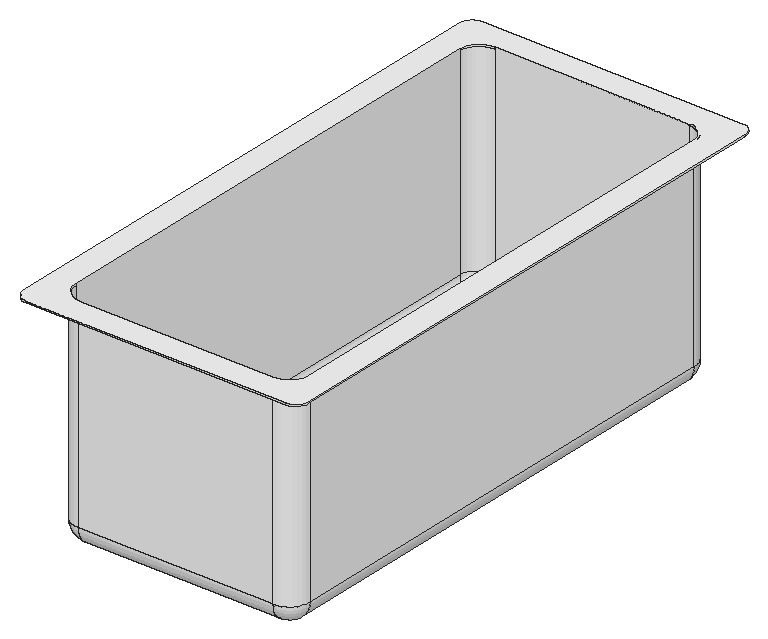
Revit family "NBS_AndersonGECLtd_Snks_SeriesA_Single", category Plumbing Fixtures, host Face, Revit 2017
Family settings
  Host = Face
  Round Connector Dimension = Use Diameter
  Part Type = Normal
  Cut with Voids When Loaded = No
  Shared = No
  Room Calculation Point = No
Parameters (values of type "A18")
  Waste Connection = yes
  WarrantyStartDate [instance] = "1900-12-31T23:59:59"
  WarrantyGuarantorParts = "n/a"
  WarrantyGuarantorLabor = "n/a"
  WarrantyDurationUnit = "year"
  WarrantyDurationParts = "n/a"
  WarrantyDurationLabor = "n/a"
  WarrantyDescription = "n/a"
  WFU = 0
  Version = "1"  # constant formula
  Vent Connection = no
  Uniclass2015Version = "Products v1.11"
  Uniclass2015Title = "Sinks"
  Uniclass2015Code = "Pr_40_20_96_81"
  TagNumber [instance] = "n/a"
  SustainabilityPerformance = "100% Recyclable"
  Size = "220 x 440 x 170 mm"
  SinkType = "Other"
  SinkMaterial = NBS_Concept
  SinkLevel [instance] = if(IsFlushmount, 1 mm, if(IsUndermount, CountertopThickness + 1 mm, 0 mm))  # 0 mm
  Shape = "Rectangle"
  SerialNumber [instance] = "n/a"
  Revision = "n/a"
  ReplacementCost = "n/a"
  ProductInformation = "http://www.gecanderson.co.uk/product/individual-bowls/a-series/index.html"
  Partition = "n/a"
  NominalWidth = BowlWidth  # 180 mm
  NominalLength = BowlDepth  # 400 mm
  NominalHeight = BowlHeight  # 170 mm
  Name = "Sinks_A18_AndersonGECLtd"
  NBSReference = "45-35-70/344"
  NBSDescription = "Sinks"
  NBSCertification = "www.nationalbimlibrary.com/cert/3d4h0m4t"
  MountingOffset [instance] = if(IsUndermount, CountertopThickness, 0 mm)  # 0 mm
  Mounting = "Inset, undermount, flushmount"
  ModelReference = "A18"
  ModelNumber = "A18"
  Material = "Stainless steel"
  ManufacturerURL = "www.gecanderson.co.uk"
  ManufacturerName = "Anderson, GEC Ltd"  # constant formula
  Manufacturer = "info@gecanderson.co.uk"  # constant formula
  IsUndermount [instance] = no
  IsInset [instance] = yes
  IsFlushmount [instance] = no
  InstallationDate [instance] = "1900-12-31T23:59:59"
  IfcExportType = "SINK"  # constant formula
  IfcExportAs = "IfcSanitaryTerminalType"  # constant formula
  HW Connection = no
  Grade = "EN 1.4301"
  Form = "Single bowled sink"
  FlatFlange = "20 mm with corner radius of 10 mm"
  FixingOptions = "Inset, undermount, flushmount"
  Finish = "Bright satin"
  Features = "Can be integrated with stainless steel worktops, basket strainer waste and , overflow fittings included"
  ExpectedLife = "30 years"
  DurationUnit = "year"
  DrainSize = 0 mm
  DrainDiameter = 89 mm
  Description = "Single bowled stainless steel sink"
  Default Elevation = 0 mm
  CutoutDepth [instance] = if(IsUndermount, BowlDepth, BowlDepth + 10 mm)  # 410 mm
  CutoutWidth [instance] = if(IsUndermount, BowlWidth, BowlWidth + 10 mm)  # 190 mm
  CountertopThickness [instance] = 0 mm
  CornerRadius = 15 mm
  Constituents = "n/a"
  Color = "n/a"
  CodePerformance = "EN 1.4301"
  Category = "Pr_40_20_96_81:Sinks"
  CW Connection = no
  BowlWidth = 180 mm
  BowlHeight = 170 mm
  BowlDepth = 400 mm
  BarCode [instance] = "n/a"
  BIMObjectName = "NBS_AndersonGECLtd_Sinks_A18"
  Author = "NBS"  # constant formula
  AssetType = "Fixed"
  AssetIdentifier [instance] = "n/a"
  AccessibilityPerformance = "n/a"
Reference planes
  plane 1 "Center (Front/Back)": y = 0
  plane 2: z = 0
  plane 3 "Center (Left/Right)": x = 0
  plane 4 "BowlLeft": x = -90
  plane 5 "BowlRight": x = 90
  plane 6 "BowlBack": y = 200
  plane 7 "BowlFront": y = -200
  plane 8 "FlangeBack": y = 220
  plane 9 "FlangeFront": y = -220
  plane 10 "FlangeLeft": x = -110
  plane 11 "FlangeRight": x = 110
  plane 12 "Top": z = 1
  plane 13: z = 1
  plane 14 "BowlBottom": z = -169
  plane 15: z = -174
  plane 16 "Drain": y = 81
  plane 17 "CutoutLeft": x = -95
  plane 18 "CutoutRight": x = 95
  plane 19 "CutoutBack": y = 205
  plane 20 "CutoutFront": y = -205
Forms (mm)
  Extrusion 1, solid, material "NBS_Concept" <- "SinkMaterial", detail levels medium+fine
    sketch origin (-1476.518, -4572, 1) x (-1, 0, 0) y (0, -1, 0)
      loop
        line (-1366.518, -4782) -> (-1366.518, -4362)
        arc (-1366.518, -4362) -> (-1369.447, -4354.929) -> (-1376.518, -4352) r 10
        line (-1376.518, -4352) -> (-1576.518, -4352)
        arc (-1576.518, -4352) -> (-1583.589, -4354.929) -> (-1586.518, -4362) r 10
        line (-1586.518, -4362) -> (-1586.518, -4782)
        arc (-1586.518, -4782) -> (-1583.589, -4789.071) -> (-1576.518, -4792) r 10
        line (-1576.518, -4792) -> (-1376.518, -4792)
        arc (-1376.518, -4792) -> (-1369.447, -4789.071) -> (-1366.518, -4782) r 10
      loop
        arc (-1566.518, -4757) -> (-1562.125, -4767.607) -> (-1551.518, -4772) r 15
        line (-1551.518, -4772) -> (-1401.518, -4772)
        arc (-1401.518, -4772) -> (-1390.911, -4767.607) -> (-1386.518, -4757) r 15
        line (-1386.518, -4757) -> (-1386.518, -4387)
        arc (-1386.518, -4387) -> (-1390.911, -4376.393) -> (-1401.518, -4372) r 15
        line (-1401.518, -4372) -> (-1551.518, -4372)
        arc (-1551.518, -4372) -> (-1562.125, -4376.393) -> (-1566.518, -4387) r 15
        line (-1566.518, -4387) -> (-1566.518, -4757)
    from 0 to -1
  Sweep 2, solid, material "NBS_Concept" <- "SinkMaterial", detail levels medium+fine
    path origin (-1476.518, -4572, 1) x (-1, 0, 0) y (0, -1, 0)
      loop
        line (-1386.518, -4757) -> (-1386.518, -4387)
        arc (-1386.518, -4387) -> (-1390.911, -4376.393) -> (-1401.518, -4372) r 15
        line (-1401.518, -4372) -> (-1551.518, -4372)
        arc (-1551.518, -4372) -> (-1562.125, -4376.393) -> (-1566.518, -4387) r 15
        line (-1566.518, -4387) -> (-1566.518, -4757)
        arc (-1566.518, -4757) -> (-1562.125, -4767.607) -> (-1551.518, -4772) r 15
        line (-1551.518, -4772) -> (-1401.518, -4772)
        arc (-1401.518, -4772) -> (-1390.911, -4767.607) -> (-1386.518, -4757) r 15
    profile origin (-90, 0, 1) x (1, 0, 0) y (0, 0, 1)
      loop
        line (0, 0) -> (-1, 0) -> (-1, -156)
        arc (-1, -156) -> (3.393, -166.607) -> (14, -171) r 15
        line (14, -171) -> (14, -170)
        arc (14, -170) -> (4.101, -165.899) -> (0, -156) r 14
        line (0, -156) -> (0, 0)
  Extrusion 3, solid, material "NBS_Concept" <- "SinkMaterial", detail levels medium+fine
    sketch origin (-1388.076, -4572, -169) x (-1, 0, 0) y (0, -1, 0)
      loop
        arc (-1312.076, -4387) -> (-1312.369, -4386.293) -> (-1313.076, -4386) r 1
        line (-1313.076, -4386) -> (-1463.076, -4386)
        arc (-1463.076, -4386) -> (-1463.783, -4386.293) -> (-1464.076, -4387) r 1
        line (-1464.076, -4387) -> (-1464.076, -4757)
        arc (-1464.076, -4757) -> (-1463.783, -4757.707) -> (-1463.076, -4758) r 1
        line (-1463.076, -4758) -> (-1313.076, -4758)
        arc (-1313.076, -4758) -> (-1312.369, -4757.707) -> (-1312.076, -4757) r 1
        line (-1312.076, -4757) -> (-1312.076, -4387)
    from 0 to -1
  Extrusion 4, solid, material "NBS_Concept" <- "SinkMaterial", detail levels medium+fine
    sketch origin (-1388.076, -4572, -169) x (-1, 0, 0) y (0, -1, 0)
      loop
        circle (-1388.076, -4653) r 44.5
    from 0 to -5
  Extrusion 5, solid, material "NBS_Concept" <- "SinkMaterial", detail levels coarse
    sketch origin (-1476.518, -4572, 1) x (-1, 0, 0) y (0, -1, 0)
      loop
        line (-1366.518, -4792) -> (-1366.518, -4352) -> (-1586.518, -4352) -> (-1586.518, -4792) -> (-1366.518, -4792)
    from 0 to -1
  Extrusion 6, solid, material "NBS_Concept" <- "SinkMaterial", detail levels coarse
    sketch origin (-1476.518, -4572, 1) x (-1, 0, 0) y (0, -1, 0)
      loop
        arc (-1385.518, -4387) -> (-1390.204, -4375.686) -> (-1401.518, -4371) r 16
        line (-1401.518, -4371) -> (-1551.518, -4371)
        arc (-1551.518, -4371) -> (-1562.832, -4375.686) -> (-1567.518, -4387) r 16
        line (-1567.518, -4387) -> (-1567.518, -4757)
        arc (-1567.518, -4757) -> (-1562.832, -4768.314) -> (-1551.518, -4773) r 16
        line (-1551.518, -4773) -> (-1401.518, -4773)
        arc (-1401.518, -4773) -> (-1390.204, -4768.314) -> (-1385.518, -4757) r 16
        line (-1385.518, -4757) -> (-1385.518, -4387)
    from 0 to -175
  Extrusion 7, void
    sketch origin (0, 0, 0) x (1, 0, 0) y (0, 1, 0)
      loop
        line (-95, 190) -> (-95, -190)
        arc (-95, -190) -> (-90.607, -200.607) -> (-80, -205) r 15
        line (-80, -205) -> (80, -205)
        arc (80, -205) -> (90.607, -200.607) -> (95, -190) r 15
        line (95, -190) -> (95, 190)
        arc (95, 190) -> (90.607, 200.607) -> (80, 205) r 15
        line (80, 205) -> (-80, 205)
        arc (-80, 205) -> (-90.607, 200.607) -> (-95, 190) r 15
    from 0 to -174
  Extrusion 8, void
    sketch origin (-1476.518, -4572, 1) x (0, -1, 0) y (-1, 0, 0)
      loop
        line (-4772, -1401.518) -> (-4772, -1551.518)
        arc (-4772, -1551.518) -> (-4767.607, -1562.125) -> (-4757, -1566.518) r 15
        line (-4757, -1566.518) -> (-4387, -1566.518)
        arc (-4387, -1566.518) -> (-4376.393, -1562.125) -> (-4372, -1551.518) r 15
        line (-4372, -1551.518) -> (-4372, -1401.518)
        arc (-4372, -1401.518) -> (-4376.393, -1390.911) -> (-4387, -1386.518) r 15
        line (-4387, -1386.518) -> (-4757, -1386.518)
        arc (-4757, -1386.518) -> (-4767.607, -1390.911) -> (-4772, -1401.518) r 15
    from 0 to 170
Cuts and joins
  joined: Extrusion 1, Sweep 2, Extrusion 3, Extrusion 4
  Extrusion 8 cuts Extrusion 5
  Extrusion 8 cuts Extrusion 6
  joined: Extrusion 5, Extrusion 6
Lines and regions (mm)
  model lines, detail levels medium+fine
    curve 1: circle (0, 81, -169) r 44.5 normal (0, 0, 1)
Dimensions and locks
  equal spacing: plane 4 "BowlLeft", plane 3 "Center (Left/Right)", plane 5 "BowlRight"
  "BowlWidth": plane 4 "BowlLeft" to plane 5 "BowlRight"
  equal spacing: plane 7 "BowlFront", plane 1 "Center (Front/Back)", plane 6 "BowlBack"
  "BowlDepth": plane 7 "BowlFront" to plane 6 "BowlBack"
  locked: plane 8 "FlangeBack" to plane 6 "BowlBack" at 20
  locked: plane 9 "FlangeFront" to plane 7 "BowlFront" at 20
  locked: plane 10 "FlangeLeft" to plane 4 "BowlLeft" at 20
  locked: plane 5 "BowlRight" to plane 11 "FlangeRight" at 20
  locked: plane 13 to level at 1
  "SinkLevel": plane 13 to plane 12 "Top"
  "NominalHeight": plane 12 "Top" to plane 14 "BowlBottom"
  locked: plane 14 "BowlBottom" to plane 15 at 5
  locked: plane 6 "BowlBack" to plane 16 "Drain" at 119
  equal spacing: plane 17 "CutoutLeft", plane 3 "Center (Left/Right)", plane 18 "CutoutRight"
  "CutoutWidth": plane 17 "CutoutLeft" to plane 18 "CutoutRight"
  equal spacing: plane 20 "CutoutFront", plane 1 "Center (Front/Back)", plane 19 "CutoutBack"
  "CutoutDepth": plane 20 "CutoutFront" to plane 19 "CutoutBack"
  radius of Extrusion 7 sketch curve = 15 mm  (x4)
  aligned and locked: plane 2 to host face
  aligned and locked: level to host face
  aligned and locked: Extrusion 1 sketch curve to plane 10 "FlangeLeft"
  aligned and locked: Extrusion 1 sketch curve to plane 8 "FlangeBack"
  aligned and locked: plane 11 "FlangeRight" to Extrusion 1 sketch curve
  aligned and locked: plane 5 "BowlRight" to Extrusion 1 sketch curve
  aligned and locked: Extrusion 1 sketch curve to plane 6 "BowlBack"
  aligned and locked: plane 7 "BowlFront" to Extrusion 1 sketch curve
  aligned and locked: plane 9 "FlangeFront" to Extrusion 1 sketch curve
  aligned and locked: Extrusion 1 sketch curve to plane 4 "BowlLeft"
  aligned and locked: Sweep 2 sketch curve to plane 4 "BowlLeft"  (x2)
  aligned and locked: plane 5 "BowlRight" to Sweep 2 sketch curve
  aligned and locked: Sweep 2 sketch curve to plane 6 "BowlBack"
  aligned and locked: plane 7 "BowlFront" to Sweep 2 sketch curve
  aligned and locked: Sweep 2 sketch curve to plane 12 "Top"
  aligned and locked: plane 14 "BowlBottom" to Sweep 2 sketch curve
  aligned and locked: Extrusion 4 to plane 15
  aligned and locked: Extrusion 5 sketch curve to plane 10 "FlangeLeft"
  aligned and locked: plane 11 "FlangeRight" to Extrusion 5 sketch curve
  aligned and locked: Extrusion 5 sketch curve to plane 8 "FlangeBack"
  aligned and locked: plane 9 "FlangeFront" to Extrusion 5 sketch curve
  aligned and locked: Extrusion 6 to plane 15
  aligned and locked: Extrusion 7 sketch curve to plane 17 "CutoutLeft"
  aligned and locked: Extrusion 7 sketch curve to plane 19 "CutoutBack"
  aligned and locked: plane 18 "CutoutRight" to Extrusion 7 sketch curve
  aligned and locked: plane 20 "CutoutFront" to Extrusion 7 sketch curve
  aligned and locked: Extrusion 7 to plane 15
  aligned and locked: Extrusion 8 sketch curve to plane 6 "BowlBack"
  aligned and locked: Extrusion 8 sketch curve to plane 4 "BowlLeft"
  aligned and locked: plane 5 "BowlRight" to Extrusion 8 sketch curve
  aligned and locked: plane 7 "BowlFront" to Extrusion 8 sketch curve
  aligned and locked: Extrusion 8 to plane 14 "BowlBottom"
Automatic sketch dimensions
  host sketch curve to host sketch curve = 2438.4 mm  (x2)
  Extrusion 1 sketch curve to plane 5 "BowlRight" = 10 mm  (x2)
  plane 5 "BowlRight" to Extrusion 1 sketch curve = 15 mm  (x2)
  plane 4 "BowlLeft" to Extrusion 1 sketch curve = 15 mm  (x2)
  Extrusion 1 sketch curve to Extrusion 1 sketch curve = 10 mm
  Extrusion 1 sketch curve to plane 4 "BowlLeft" = 10 mm
  plane 5 "BowlRight" to Sweep 2 sketch curve = 15 mm
  Sweep 2 sketch curve to Sweep 2 sketch curve = 15 mm
  plane 4 "BowlLeft" to Sweep 2 sketch curve = 15 mm  (x2)
  Sweep 2 sketch curve to Sweep 2 sketch curve = 0 mm
  Sweep 2 sketch curve to Sweep 2 sketch curve = 1 mm
  Sweep 2 sketch curve to Sweep 2 sketch curve = 14 mm
  plane 4 "BowlLeft" to Extrusion 3 sketch curve = 15 mm
  Extrusion 3 sketch curve to plane 6 "BowlBack" = 14 mm
  Extrusion 3 sketch curve to plane 7 "BowlFront" = 15 mm
  Extrusion 3 sketch curve to Extrusion 3 sketch curve = 1 mm  (x4)
  plane 5 "BowlRight" to Extrusion 3 sketch curve = 14 mm
  Extrusion 4 sketch curve to plane 3 "Center (Left/Right)" = 0 mm
  Extrusion 4 sketch curve to plane 16 "Drain" = 0 mm
  curve 1 to plane 3 "Center (Left/Right)" = 0 mm
  curve 1 to plane 16 "Drain" = 0 mm
  Extrusion 8 sketch curve to plane 6 "BowlBack" = 15 mm  (x2)
  Extrusion 8 sketch curve to Extrusion 8 sketch curve = 15 mm
  Extrusion 8 sketch curve to plane 7 "BowlFront" = 15 mm
  Extrusion 6 sketch curve to plane 5 "BowlRight" = 1 mm
  plane 6 "BowlBack" to Extrusion 6 sketch curve = 1 mm
  plane 7 "BowlFront" to Extrusion 6 sketch curve = 1 mm
  plane 5 "BowlRight" to Extrusion 6 sketch curve = 15 mm
  plane 4 "BowlLeft" to Extrusion 6 sketch curve = 15 mm  (x2)
  Extrusion 6 sketch curve to plane 4 "BowlLeft" = 1 mm
  Extrusion 6 sketch curve to plane 6 "BowlBack" = 15 mm
  radius of Extrusion 4 sketch curve = 44.5 mm
  radius of curve 1 = 44.5 mm
Connectors
  piping at (0, 81, -174), diameter 89, driven by "WFU"
    settings: on cut or joined group of Extrusion 1, Sweep 2, Extrusion 3, Extrusion 4, index 1, connector inside diameter 609.6 mm, connector length 0 mm, flow factor 0, pipe flow 0.0 L/s, pressure drop 0.0 Pa, fitting loss kfactor 0, connector angle 0.00°, fixture units 0, engagement length 0 mm, angle of deflection 0.00°, flow configuration 3, flow direction 2, fitting loss method 0, system type 16, joint type 0, gender type 0, connector reference index -1, connector utility 0, adjustable connector no, is connector primary yes, connector description "Waste outlet"
Types in the file's own list only (7): name | Size | NominalWidth | NominalHeight | Name | ModelReference | ModelNumber | BowlWidth | BowlHeight | BIMObjectName
  A23 | "270 x 440 x 170 mm" | 230 mm | 170 mm | "Sinks_A23_AndersonGECLtd" | "A23" | "A23" | 230 mm | 170 mm | "NBS_AndersonGECLtd_Sinks_A23"
  A34 | "380 x 440 x 200 mm" | 340 mm | 200 mm | "Sinks_A34_AndersonGECLtd" | "A34" | "A34" | 340 mm | 200 mm | "NBS_AndersonGECLtd_Sinks_A34"
  A40 | "440 x 440 x 200 mm" | 400 mm | 200 mm | "Sinks_A40_AndersonGECLtd" | "A40" | "A40" | 400 mm | 200 mm | "NBS_AndersonGECLtd_Sinks_A40"
  A45 | "490 x 440 x 200 mm" | 450 mm | 200 mm | "Sinks_A45_AndersonGECLtd" | "A45" | "A45" | 450 mm | 200 mm | "NBS_AndersonGECLtd_Sinks_A45"
  A50 | "540 x 440 x 200 mm" | 500 mm | 200 mm | "Sinks_A50_AndersonGECLtd" | "A50" | "A50" | 500 mm | 200 mm | "NBS_AndersonGECLtd_Sinks_A50"
  A55 | "590 x 440 x 200 mm" | 550 mm | 200 mm | "Sinks_A55_AndersonGECLtd" | "A55" | "A55" | 550 mm | 200 mm | "NBS_AndersonGECLtd_Sinks_A55"
  A70 | "740 x 440 x 200 mm" | 700 mm | 200 mm | "Sinks_A70_AndersonGECLtd" | "A70" | "A70" | 700 mm | 200 mm | "NBS_AndersonGECLtd_Sinks_A70"
